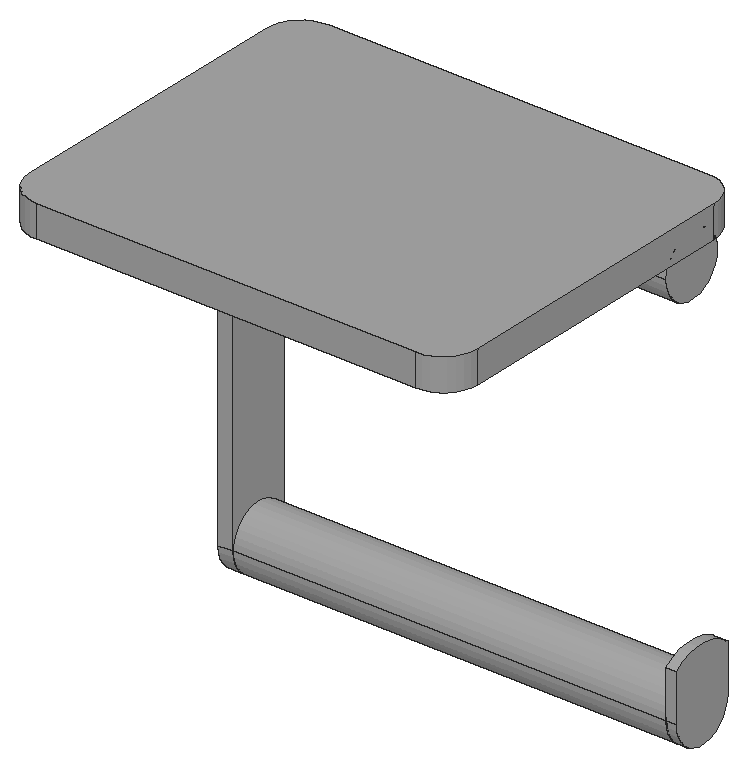
Revit family "KEUCO_14973010000", category Sonderausstattung, Revit 2016
Family settings
  Teiletyp = Normal
  Bemaßung runder Anschluss = Durchmesser verwenden
  Arbeitsebenenbasiert = Nein
  Immer vertikal = Ja
  Beim Laden mit Abzugskörper schneiden = Nein
  Gemeinsam genutzt = Nein
  Raumberechnungspunkt = Nein
Parameters (values of type "14973010000")
  Verwendung = "GWC / WC"  # constant formula
  Preisgruppe = "1"  # constant formula
  Kategorie = "ACC"  # constant formula
  Gewicht = 670
  URL = "https://www.keuco.com/de/produkte/sortiment/artikel/?pid=14973&oid=1&pgo=15&country=de&lang=de&vid=14973010000"
  Serie = "Plan"  # constant formula
  Material Papierhalter [instance] = Verchromt
  Materialien bei Hersteller anfragen = "Anfrage zu:  objektmanagement@keuco.de"
  Hersteller = "KEUCO"  # constant formula
  Beschreibung = "mit Ablage, offene Form\r\nfür Rollenbreite 100/120 mm\r\nmit Antirutscheinlage in grau"
  Ausschreibungstext = "KEUCO PLAN Toilettenpapierhalter mit Ablage 14973010000\r\nHochglanzverchromter Toilettenpapierhalter, für Rollenbreite 100/120 mm, \r\nAblagemöglichkeit mit grauer Antirutscheinlage aus Kautschuk, \r\nz.B. für  Handys und Accessoires,\r\nin ästhetischem, funktionalem Design, offene Ausführung,\r\nBreite 133 mm, Höhe 106 mm, Ausladung 105mm\r\nder Toilettenpapierhalter wird verdeckt angebracht\r\nLieferung inkl. korrosionsfreiem Befestigungsmaterial"
  Artikelnummer = "14973010000"
Types (4, lengths in mm): name | Gewicht | URL | Material Papierhalter | Ausschreibungstext | Artikelnummer
  (no name) | 670 | "https://www.keuco.com/de/produkte/sortiment/artikel/?pid=14973&oid=1&pgo=15&country=de&lang=de&vid=14973010000" | Verchromt | "KEUCO PLAN Toilettenpapierhalter mit Ablage 14973010000\r\nHochglanzverchromter Toilettenpapierhalter, für Rollenbreite 100/120 mm, \r\nAblagemöglichkeit mit grauer Antirutscheinlage aus Kautschuk, \r\nz.B. für  Handys und Accessoires,\r\nin ästhetischem, funktionalem Design, offene Ausführung,\r\nBreite 133 mm, Höhe 106 mm, Ausladung 105mm\r\nder Toilettenpapierhalter wird verdeckt angebracht\r\nLieferung inkl. korrosionsfreiem Befestigungsmaterial" | "14973010000"
  14973010000 | 670 | "https://www.keuco.com/de/produkte/sortiment/artikel/?pid=14973&oid=1&pgo=15&country=de&lang=de&vid=14973010000" | Verchromt | "KEUCO PLAN Toilettenpapierhalter mit Ablage 14973010000\r\nHochglanzverchromter Toilettenpapierhalter, für Rollenbreite 100/120 mm, \r\nAblagemöglichkeit mit grauer Antirutscheinlage aus Kautschuk, \r\nz.B. für  Handys und Accessoires,\r\nin ästhetischem, funktionalem Design, offene Ausführung,\r\nBreite 133 mm, Höhe 106 mm, Ausladung 105mm\r\nder Toilettenpapierhalter wird verdeckt angebracht\r\nLieferung inkl. korrosionsfreiem Befestigungsmaterial" | "14973010000"
  14973070000 | 644.6 | "https://www.keuco.com/de/produkte/sortiment/artikel/?pid=14973&oid=1&pgo=15&country=de&lang=de&vid=14973070000" | Edelstahl | "KEUCO PLAN Toilettenpapierhalter mit Ablage 14973070000\r\nToilettenpapierhalter in Edelstahl-finish, \r\nfür Rollenbreite 100/120 mm, \r\nAblagemöglichkeit mit grauer Antirutscheinlage aus Kautschuk, \r\nz.B. für  Handys und Accessoires,\r\nin ästhetischem, funktionalem Design, offene Ausführung,\r\nBreite 133 mm, Höhe 106 mm, Ausladung 105mm\r\nder Toilettenpapierhalter wird verdeckt angebracht\r\nLieferung inkl. korrosionsfreiem Befestigungsmaterial" | "14973070000"
  14973170000 | 644.6 | "https://www.keuco.com/de/produkte/sortiment/artikel/?pid=14973&oid=1&pgo=15&country=de&lang=de&vid=14973170000" | Aluminium silber-eloxiert (E6 EV1) | "KEUCO PLAN Toilettenpapierhalter mit Ablage 14973070000\r\nToilettenpapierhalter silber-eloxiert/verchromt, \r\nfür Rollenbreite 100/120 mm, \r\nAblagemöglichkeit mit grauer Antirutscheinlage aus Kautschuk, \r\nz.B. für  Handys und Accessoires,\r\nin ästhetischem, funktionalem Design, offene Ausführung,\r\nBreite 133 mm, Höhe 106 mm, Ausladung 105mm\r\nder Toilettenpapierhalter wird verdeckt angebracht\r\nLieferung inkl. korrosionsfreiem Befestigungsmaterial" | "14973170000"
Reference planes
  plane 1 "Center (Front/Back)": y = 0
  plane 2: z = 0
  plane 3 "Center (Left/Right)": x = 0
  plane 4: y = -27.061
  plane 5: z = -132
  plane 6: x = -64.5
  plane 7: x = 64.5
  plane 8: z = -18.281
  plane 9: x = -54.273
  plane 10: x = 54.5
  plane 11: x = 67.5
Forms (mm)
  Extrusion 1, solid, material "Verchromt" <- "Material Papierhalter"
    sketch origin (0, 0, 0) x (0, 1, 0) y (0, 0, 1)
      loop
        line (0, -18.281) -> (0, 0) -> (-18.125, 0)
        arc (-18.125, 0) -> (-8.984, -9.141) -> (-18.125, -18.281) r 9.141
        line (-18.125, -18.281) -> (0, -18.281)
    from -54.273 to 54.5
  Extrusion 2, solid, material "Verchromt" <- "Material Papierhalter"
    sketch origin (0, 0, 0) x (0, 1, 0) y (0, 0, 1)
      loop
        circle (-18.125, -9.141) r 9.141
    from -60.244 to 64.5
  Extrusion 3, solid, material "Verchromt" <- "Material Papierhalter"
    sketch origin (0, 0, -86.858) x (0, 1, 0) y (0, 0, 1)
      loop
        circle (-18.125, -36.002) r 9.141
    from -60.244 to 64.5
  Extrusion 4, solid, material "Verchromt" <- "Material Papierhalter"
    sketch origin (0, 0, 0) x (0, 1, 0) y (0, 0, 1)
      loop
        arc (-8.984, -9.141) -> (-18.125, 0) -> (-27.266, -9.141) r 9.141
        line (-27.266, -9.141) -> (-27.266, -122.859)
        arc (-27.266, -122.859) -> (-18.125, -132) -> (-8.984, -122.859) r 9.141
        line (-8.984, -122.859) -> (-8.984, -9.141)
    from -64.5 to -60.244
  Extrusion 5, solid, material "Verchromt" <- "Material Papierhalter"
    sketch origin (-2.5, 0, 0) x (0, 1, 0) y (0, 0, -1)
      loop
        line (-8.984, 109.103) -> (-8.984, 122.859)
        arc (-8.984, 122.859) -> (-18.125, 132) -> (-27.266, 122.859) r 9.141
        line (-27.266, 122.859) -> (-27.266, 109.103)
        arc (-27.266, 109.103) -> (-18.125, 105.876) -> (-8.984, 109.103) r 14.559
    from -70 to -67
  Extrusion 6, solid, material "Verchromt" <- "Material Papierhalter"
    sketch origin (0, 0, 0) x (1, 0, 0) y (0, 1, 0)
      loop
        arc (-54.5, 0) -> (-61.571, -2.929) -> (-64.5, -10) r 10
        line (-64.5, -10) -> (-64.5, -95)
        arc (-64.5, -95) -> (-61.571, -102.071) -> (-54.5, -105) r 10
        line (-54.5, -105) -> (54.5, -105)
        arc (54.5, -105) -> (61.571, -102.071) -> (64.5, -95) r 10
        line (64.5, -95) -> (64.5, -10)
        arc (64.5, -10) -> (61.571, -2.929) -> (54.5, 0) r 10
        line (54.5, 0) -> (-54.5, 0)
    from -6.287 to 2.879
Cuts and joins
  joined: Extrusion 1, Extrusion 6
Lines and regions (mm)
  symbolic lines
    curve 1: line (-54.273, 0, 0) -> (54.5, 0, 0)
    curve 2: line (54.5, 0, 0) -> (54.5, -8.984, 0)
    curve 3: line (-64.5, -8.984, 0) -> (64.5, -8.984, 0)
    curve 4: line (64.5, -8.984, 0) -> (64.5, -27.266, 0)
    curve 5: line (64.5, -27.266, 0) -> (-64.5, -27.266, 0)
    curve 6: line (-64.5, -27.266, 0) -> (-64.5, -8.984, 0)
    curve 7: line (-54.273, -8.984, 0) -> (-54.273, 0, 0)
Dimensions and locks
  locked: plane 4 to plane 1 "Center (Front/Back)" at 27.061
  plane 2 to plane 5 = 132 mm
  equal spacing: plane 6, plane 3 "Center (Left/Right)", plane 7
  plane 6 to plane 7 = 129 mm
  level to plane 8 = 18.281 mm
  locked: plane 7 to plane 10 at 10
  locked: plane 9 to plane 6 at 10.227
  locked: Extrusion 4 to Extrusion 4 at 4.256
  Extrusion 5 to Extrusion 5 = 3 mm
  Extrusion 5 to Extrusion 1 = 13 mm
  plane 11 to plane 6 = 132 mm
  aligned and locked: level to plane 2
  aligned and locked: Extrusion 1 to plane 9
  aligned and locked: plane 10 to Extrusion 1
  aligned and locked: Extrusion 4 to plane 6
  aligned and locked: Extrusion 2 to Extrusion 4
  aligned and locked: Extrusion 2 to Extrusion 3
  aligned and locked: Extrusion 3 to Extrusion 4
  aligned and locked: plane 9 to Extrusion 1
  aligned and locked: Extrusion 1 to plane 10
  aligned and locked: plane 11 to Extrusion 5
  aligned and locked: plane 7 to Extrusion 2
  aligned and locked: Extrusion 5 to plane 7
  aligned and locked: plane 7 to Extrusion 3
Automatic sketch dimensions
  curve 3 to plane 6 = 0 mm
  curve 7 to plane 9 = 0 mm
  plane 1 "Center (Front/Back)" to curve 2 = 0 mm
  curve 2 to plane 10 = 0 mm
  curve 3 to plane 7 = 0 mm
  plane 1 "Center (Front/Back)" to curve 3 = 8.984 mm
  curve 5 to plane 4 = 0.205 mm
  Extrusion 1 sketch curve to plane 8 = 0 mm  (x2)
  Extrusion 1 sketch curve to level = 0 mm  (x2)
  Extrusion 1 sketch curve to plane 1 "Center (Front/Back)" = 0 mm
  plane 4 to Extrusion 1 sketch curve = 8.936 mm
  Extrusion 1 sketch curve to Extrusion 1 sketch curve = 0 mm  (x2)
  plane 4 to Extrusion 2 sketch curve = 8.936 mm
  Extrusion 2 sketch curve to level = 9.141 mm
  plane 4 to Extrusion 3 sketch curve = 8.936 mm
  plane 5 to Extrusion 3 sketch curve = 9.141 mm
  Extrusion 4 sketch curve to plane 4 = 0.205 mm
  plane 4 to Extrusion 4 sketch curve = 8.936 mm
  plane 5 to Extrusion 4 sketch curve = 9.141 mm
  Extrusion 4 sketch curve to level = 9.141 mm
  Extrusion 5 sketch curve to plane 4 = 0.205 mm
  plane 4 to Extrusion 5 sketch curve = 8.936 mm
  Extrusion 5 sketch curve to Extrusion 5 sketch curve = 0 mm
  plane 5 to Extrusion 5 sketch curve = 11.565 mm
  Extrusion 5 sketch curve to Extrusion 5 sketch curve = 2.424 mm
  Extrusion 5 sketch curve to Extrusion 5 sketch curve = 13.756 mm
  Extrusion 6 sketch curve to plane 6 = 0 mm
  plane 1 "Center (Front/Back)" to Extrusion 6 sketch curve = 0 mm
  Extrusion 6 sketch curve to plane 10 = 0 mm  (x2)
  Extrusion 6 sketch curve to plane 7 = 0 mm
  Extrusion 6 sketch curve to plane 9 = 0.227 mm  (x2)
  Extrusion 6 sketch curve to plane 4 = 67.939 mm
  radius of Extrusion 2 sketch curve = 9.141 mm
  radius of Extrusion 3 sketch curve = 9.141 mm
